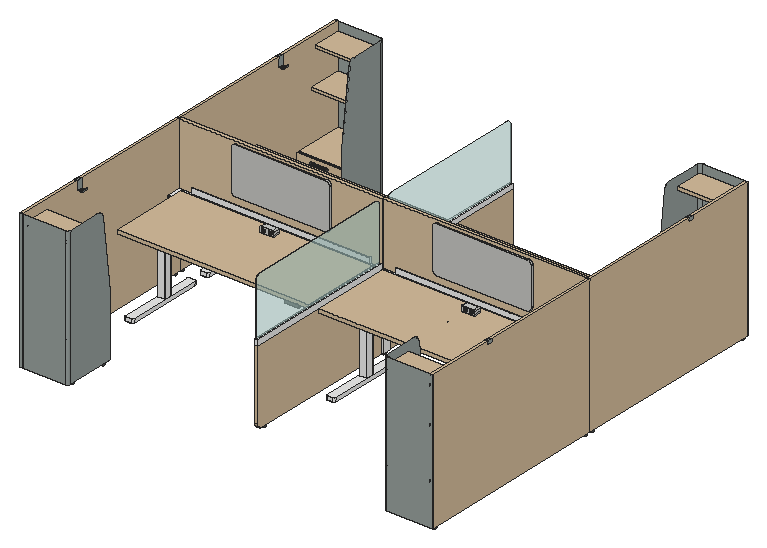
Revit family "Layout-Teknion-Expansion_Cityline_Height_Adjustable_Workstation_09-R2021", category Furniture Systems, Revit 2021 (continued)
Definition of nested family "Worksurface-Teknion-JNXRW_hiSpace_Rectangular_Worksurface_With_Quick_Connect_Kit-R2021"
  Dimensions and locks (in)
    aligned and locked: Masking region 3 sketch curve to cut or joined group of Sweep 1, Sweep 8, Sweep 9, Sweep 10, Sweep 14, Sweep 15, Sweep 16  (x4)
    aligned and locked: Masking region 3 sketch curve to Sweep 11  (x4)
    aligned and locked: Masking region 4 sketch curve to cut or joined group of Sweep 7, Sweep 8, Sweep 9, Sweep 10, Sweep 14, Sweep 15, Sweep 16  (x4)
    aligned and locked: Masking region 4 sketch curve to Sweep 11  (x4)
    aligned and locked: Masking region 5 sketch curve to cut or joined group of Sweep 1, Sweep 8, Sweep 9, Sweep 10, Sweep 14, Sweep 15, Sweep 16  (x4)
    aligned and locked: Masking region 5 sketch curve to Sweep 13  (x4)
    aligned and locked: Masking region 6 sketch curve to cut or joined group of Sweep 7, Sweep 8, Sweep 9, Sweep 10, Sweep 14, Sweep 15, Sweep 16  (x4)
    aligned and locked: Masking region 6 sketch curve to Sweep 13  (x4)
    aligned and locked: Masking region 7 sketch curve to cut or joined group of Sweep 1, Sweep 8, Sweep 9, Sweep 10, Sweep 14, Sweep 15, Sweep 16  (x4)
    aligned and locked: Masking region 7 sketch curve to Sweep 12  (x4)
    aligned and locked: Masking region 8 sketch curve to cut or joined group of Sweep 7, Sweep 8, Sweep 9, Sweep 10, Sweep 14, Sweep 15, Sweep 16  (x4)
    aligned and locked: Masking region 8 sketch curve to Sweep 12  (x4)
    aligned and locked: Masking region 9 sketch curve to cut or joined group of Sweep 1, Sweep 8, Sweep 9, Sweep 10, Sweep 14, Sweep 15, Sweep 16  (x4)
    aligned and locked: Masking region 9 sketch curve to Sweep 14  (x4)
    aligned and locked: Masking region 10 sketch curve to cut or joined group of Sweep 7, Sweep 8, Sweep 9, Sweep 10, Sweep 14, Sweep 15, Sweep 16  (x4)
    aligned and locked: Masking region 10 sketch curve to Sweep 14  (x4)
    aligned and locked: Masking region 11 sketch curve to cut or joined group of Sweep 1, Sweep 8, Sweep 9, Sweep 10, Sweep 14, Sweep 15, Sweep 16  (x4)
    aligned and locked: Masking region 11 sketch curve to Sweep 15  (x4)
    aligned and locked: Masking region 12 sketch curve to cut or joined group of Sweep 7, Sweep 8, Sweep 9, Sweep 10, Sweep 14, Sweep 15, Sweep 16  (x4)
    aligned and locked: Masking region 12 sketch curve to Sweep 15  (x4)
    aligned and locked: Masking region 13 sketch curve to cut or joined group of Sweep 1, Sweep 8, Sweep 9, Sweep 10, Sweep 14, Sweep 15, Sweep 16  (x4)
    aligned and locked: Masking region 13 sketch curve to Sweep 16  (x4)
    aligned and locked: Masking region 14 sketch curve to cut or joined group of Sweep 7, Sweep 8, Sweep 9, Sweep 10, Sweep 14, Sweep 15, Sweep 16  (x4)
    aligned and locked: Masking region 14 sketch curve to Sweep 16  (x4)
    aligned and locked: Masking region 15 sketch curve to cut or joined group of Sweep 1, Sweep 8, Sweep 9, Sweep 10, Sweep 14, Sweep 15, Sweep 16  (x4)
    aligned and locked: Masking region 15 sketch curve to Sweep 14  (x4)
    aligned and locked: Masking region 15 sketch curve to Sweep 13  (x4)
    aligned and locked: Masking region 16 sketch curve to cut or joined group of Sweep 7, Sweep 8, Sweep 9, Sweep 10, Sweep 14, Sweep 15, Sweep 16  (x4)
    aligned and locked: Masking region 16 sketch curve to Sweep 13  (x4)
    aligned and locked: Masking region 16 sketch curve to Sweep 14  (x4)
    aligned and locked: Masking region 17 sketch curve to cut or joined group of Sweep 1, Sweep 8, Sweep 9, Sweep 10, Sweep 14, Sweep 15, Sweep 16  (x4)
    aligned and locked: Masking region 17 sketch curve to Sweep 12  (x4)
    aligned and locked: Masking region 17 sketch curve to Sweep 14  (x4)
    aligned and locked: Masking region 18 sketch curve to Masking region 16  (x8)
    aligned and locked: Masking region 18 sketch curve to Masking region 17  (x4)
    aligned and locked: nested 1 to plane 6 "Back"
    aligned and locked: plane 4 "Left" to nested 1
    aligned and locked: plane 4 "Left" to nested 4
    aligned and locked: plane 7 "Front" to nested 4
    aligned and locked: plane 7 "Front" to nested 3
    aligned and locked: nested 3 to plane 5 "Right"
    aligned and locked: nested 2 to plane 5 "Right"
    aligned and locked: nested 2 to plane 6 "Back"
    aligned and locked: plane 3 "Center Left/Right" to nested 6
    aligned and locked: nested 6 to plane 6 "Back"
    aligned and locked: plane 1 "Center Front/Back" to nested 5
    aligned and locked: plane 3 "Center Left/Right" to nested 5
    aligned and locked: plane 3 "Center Left/Right" to nested 9
    aligned and locked: curve 65 to plane 6 "Back"
    aligned and locked: plane 5 "Right" to curve 66
    aligned and locked: plane 7 "Front" to curve 67
    aligned and locked: curve 68 to plane 4 "Left"
  Automatic sketch dimensions
    Sweep 3 sketch curve to Sweep 3 sketch curve = 0.11811"
    Sweep 8 sketch curve to Sweep 8 sketch curve = 0.36063"  (x4)
    Sweep 10 sketch curve to Sweep 10 sketch curve = 0.36063"  (x3)
    Sweep 10 sketch curve to Sweep 10 sketch curve = 0.000"
    Sweep 11 sketch curve to Sweep 11 sketch curve = 0.28976"  (x3)
    Sweep 11 sketch curve to Sweep 11 sketch curve = 0.000"  (x5)
    Sweep 13 sketch curve to Sweep 13 sketch curve = 0.000"  (x4)
    Sweep 13 sketch curve to Sweep 13 sketch curve = 0.28976"  (x4)
    Sweep 12 sketch curve to Sweep 12 sketch curve = 0.000"  (x4)
    Sweep 12 sketch curve to Sweep 12 sketch curve = 0.28976"  (x3)
    Sweep 12 sketch curve to Sweep 12 sketch curve = 1.17323"
    curve 50 to curve 53 = 1.5748"
    Sweep 9 sketch curve to Sweep 9 sketch curve = 0.36063"  (x4)
    Masking region 9 sketch curve to Masking region 9 sketch curve = 0.000"
    Masking region 9 sketch curve to Masking region 9 sketch curve = 0.1422"  (x3)
    Masking region 9 sketch curve to plane 3 "Center Left/Right" = 0.29194"  (x2)
    plane 3 "Center Left/Right" to Masking region 9 sketch curve = 0.29194"  (x2)
    Masking region 10 sketch curve to Masking region 10 sketch curve = 0.000"
    Masking region 10 sketch curve to Masking region 10 sketch curve = 0.1422"  (x3)
    Masking region 10 sketch curve to plane 3 "Center Left/Right" = 0.29194"  (x2)
    plane 3 "Center Left/Right" to Masking region 10 sketch curve = 0.29194"  (x2)
    Masking region 11 sketch curve to Masking region 11 sketch curve = 0.000"
    Masking region 11 sketch curve to Masking region 11 sketch curve = 0.1422"  (x3)
    Masking region 11 sketch curve to Masking region 11 sketch curve = 1.85026"
    Masking region 11 sketch curve to Masking region 11 sketch curve = 0.29194"
    Masking region 11 sketch curve to Masking region 11 sketch curve = 1.70806"
    Masking region 11 sketch curve to Masking region 11 sketch curve = 1.02621"
    Masking region 12 sketch curve to Masking region 12 sketch curve = 0.000"
    Masking region 12 sketch curve to Masking region 12 sketch curve = 0.1422"  (x3)
    Masking region 12 sketch curve to Masking region 12 sketch curve = 1.85026"
    Masking region 12 sketch curve to Masking region 12 sketch curve = 0.29194"
    Masking region 12 sketch curve to Masking region 12 sketch curve = 1.70806"
    Masking region 12 sketch curve to Masking region 12 sketch curve = 1.02621"
    Masking region 13 sketch curve to Masking region 13 sketch curve = 0.000"
    Masking region 13 sketch curve to Masking region 13 sketch curve = 0.1422"  (x3)
    Masking region 13 sketch curve to Masking region 13 sketch curve = 0.29194"
    Masking region 13 sketch curve to plane 6 "Back" = 2.47576"
    Masking region 13 sketch curve to Masking region 13 sketch curve = 1.70806"
    Masking region 13 sketch curve to Masking region 13 sketch curve = 1.02621"
    Masking region 14 sketch curve to Masking region 14 sketch curve = 0.000"
    Masking region 14 sketch curve to Masking region 14 sketch curve = 0.1422"  (x3)
    Masking region 14 sketch curve to Masking region 14 sketch curve = 0.29194"
    Masking region 14 sketch curve to plane 6 "Back" = 2.47576"
    Masking region 14 sketch curve to Masking region 14 sketch curve = 1.70806"
    Masking region 14 sketch curve to Masking region 14 sketch curve = 0.52636"
    Masking region 15 sketch curve to Masking region 15 sketch curve = 0.000"
    Masking region 15 sketch curve to Masking region 15 sketch curve = 0.1422"  (x3)
    Masking region 15 sketch curve to plane 3 "Center Left/Right" = 0.29194"  (x2)
    plane 3 "Center Left/Right" to Masking region 15 sketch curve = 0.29194"  (x2)
    Masking region 16 sketch curve to Masking region 16 sketch curve = 0.000"
    Masking region 16 sketch curve to Masking region 16 sketch curve = 0.1422"  (x3)
    Masking region 16 sketch curve to plane 3 "Center Left/Right" = 0.29194"  (x2)
    plane 3 "Center Left/Right" to Masking region 16 sketch curve = 0.29194"  (x2)
    Masking region 17 sketch curve to Masking region 17 sketch curve = 0.000"
    Masking region 17 sketch curve to Masking region 17 sketch curve = 0.1422"  (x3)
    Masking region 17 sketch curve to plane 3 "Center Left/Right" = 0.29194"  (x2)
    plane 3 "Center Left/Right" to Masking region 17 sketch curve = 0.29194"  (x2)
    Masking region 18 sketch curve to Masking region 18 sketch curve = 0.000"
    Masking region 18 sketch curve to Masking region 18 sketch curve = 0.1422"  (x3)
    Masking region 18 sketch curve to plane 3 "Center Left/Right" = 0.29194"  (x2)
    plane 3 "Center Left/Right" to Masking region 18 sketch curve = 0.29194"  (x2)
  Nested families (in)
    nested 1: "Teknion_2D_Node_Family-R2016" at (-26, 11.5, 0), type "Teknion_2D_Node_Family-R2016"
    nested 2: "Teknion_2D_Node_Family-R2016" at (26, 11.5, 0), type "Teknion_2D_Node_Family-R2016"
    nested 3: "Teknion_2D_Node_Family-R2016" at (26, -11.5, 0), type "Teknion_2D_Node_Family-R2016"
    nested 4: "Teknion_2D_Node_Family-R2016" at (-26, -11.5, 0), type "Teknion_2D_Node_Family-R2016"
    nested 5: "Teknion_2D_Node_Family-R2016" at (0, 0, 0), type "Teknion_2D_Node_Family-R2016"
    nested 6: "Teknion_2D_Node_Family-R2016" at (0, 11.5, 0), type "Teknion_2D_Node_Family-R2016"
    nested 7: "Teknion_2D_Node_Family-R2016" at (-9.49976, 7.99803, 0), visible <- "Node - Cut-Out Left", type "Teknion_2D_Node_Family-R2016"
    nested 8: "Teknion_2D_Node_Family-R2016" at (9.49976, 7.99803, 0), visible <- "Node - Cut-Out Right", type "Teknion_2D_Node_Family-R2016"
    nested 9: "Teknion_2D_Node_Family-R2016" at (0, 7.99803, 0), visible <- "Node - Cut-Out Center", type "Teknion_2D_Node_Family-R2016"
  Definition of nested family "Teknion_2D_Node_Family-R2016"
    Reference planes (in)
      plane 1 "Center (Front/Back)": y = 0
      plane 2: z = 0
      plane 3 "Center (Left/Right)": x = 0
    Lines and regions (in)
      detail lines, in view "Ref. Level"
        curve 1: circle (0, 0, 0) r 1.25 normal (0, 0, 1)
        curve 2: line (1.91508, -1.91508, 0) -> (-1.91508, 1.91508, 0)
        curve 3: line (-1.91508, -1.91508, 0) -> (1.91508, 1.91508, 0)
Definition of nested family "Desk_Structures-Teknion-JZSFS_EZ_Fence_Leg-R2021"
  Parameters (values of type "In-Line")
    Warranty = "http://www.teknion.com/ca/papers/legal-canada"
    Unit Weight URL = "http://www.teknion.com/ca/tools/assets#&asset=bee6a381-b954-425e-8283-5a2de3a804f2,f828d448-4b62-4231-9e5f-9a8991c0ed77"
    URL = "www.teknion.com"
    With Top Cover [instance] = not(No Top Cover)  # yes
    Top Option [instance] = "Select Top Option. Has Top Cover is default."  # constant formula
    To render please download texture images found here [instance] = "https://assets.teknion.com/web/5e81352c1dfdb467/revit-material-swatches/"
    Sustainability Data = "https://www.teknion.com/ca/tools/assets#&topic=216f99a5-57a0-44fc-b10a-9dee9b29ae4c&asset=444deb64-fe58-4b68-981e-f75e97781df7,b4ff2d81-9f2e-437d-9659-7cffb09c31cf"
    Series = "Expansion Cityline"  # constant formula
    Product Page URL = "https://www.teknion.com/products/product-details?productLineId=9ad2a26e-8e7a-673b-a6c8-ff05004460c4"
    Product Line = "EZ Fence Structure"  # constant formula
    Product Documentation Link = "https://www.teknion.com/pricing/expansion-cityline/pdfs/JZSFS_ppg.pdf"
    Part Number = "JZSFS"  # constant formula
    No Top Cover [instance] = no
    Model = "JZSFSA20I_"
    Manufacturer Phone = "416-661-3370"  # constant formula
    Manufacturer Fax = "416.661.4586"  # constant formula
    Manufacturer Contact Information = "http://www.teknion.com/ca/contactus"
    Manufacturer Address = "1150 Flint Road, Toronto, ON. M3J 2J5. Canada"  # constant formula
    Manufacturer = "Teknion"  # constant formula
    In-Line = yes
    How To Use Teknion Materials User Guide [instance] = "https://assets.teknion.com/m/205dd0a49fa58060/original/How-to-add-a-Material-Library-and-Texture-Images-to-your-Revit-project.pdf"
    Frame Finish [instance] = none
    For Additional Finishes please visit [instance] = "https://assets.teknion.com/m/44a8009b046e5d47/original/Teknion_Materials_Library.zip"
    End = no
    Description = "EZ Fence Leg - Angled Support Style, 20\" Depth, In-Line Configuration"
    Default Elevation = 0.000"
    Cut-Out - In-Line = if(([In-Line]), 8.000", 0.200")  # 8.000"
    Cut-Out - End = if(End, 8.000", 0.200")  # 0.200"
    Configuration = ""
    Assembly Code = "E2020200"
    2D - In-Line with Top Cover [instance] = and([In-Line], With Top Cover)  # yes
    2D - In-Line w/o Top Cover [instance] = and([In-Line], No Top Cover)  # no
    2D - End with Top Cover [instance] = and(End, With Top Cover)  # no
    2D - End w/o Top Cover [instance] = and(End, No Top Cover)  # no
  Types (3): name | Model | In-Line | End | Description | Cut-Out - In-Line | Cut-Out - End | 2D - In-Line with Top Cover | 2D - End with Top Cover
    (no name) | "JZSFSA20I_" | yes | no | "EZ Fence Leg - Angled Support Style, 20\" Depth, In-Line Configuration" | 8.000" | 0.200" | yes | no
    End | "JZSFSA20E_" | no | yes | "EZ Fence Leg - Angled Support Style, 20\" Depth, End Configuration" | 0.200" | 8.000" | no | yes
    In-Line | "JZSFSA20I_" | yes | no | "EZ Fence Leg - Angled Support Style, 20\" Depth, In-Line Configuration" | 8.000" | 0.200" | yes | no
  Reference planes (in)
    plane 1 "Center Front/Back": y = 0
    plane 2: z = 0
    plane 3 "Center Left/Right": x = 0.82874
    plane 4 "Left": x = -2.32087
    plane 5 "Right": x = 3.97835
    plane 6 "Back": y = 9.40761
    plane 7 "Front": y = -9.40761
    plane 8 "Top": z = 27.69291
    plane 9: x = 0.07874
    plane 10: x = 1.57874
    plane 11: z = 28.18504
  Forms (in)
    Sweep 1, solid, material <- "Frame Finish"
      path origin (0, 0, 0) x (1, 0, 0) y (0, 1, 0)
        loop
          line (1.57874, 0) -> (0.07874, 0)
      profile origin (0.82874, 0, 0) x (0, -1, 0) y (0, 0, 1)
        loop
          line (5.89342, 27.69291) -> (-5.89342, 27.69291) -> (-9.40761, 1) -> (-6.88604, 1) -> (-4.11278, 22.06496)
          arc (-4.11278, 22.06496) -> (-3.82632, 22.6009) -> (-3.25757, 22.81496) r 0.86259
          line (-3.25757, 22.81496) -> (3.25757, 22.81496)
          arc (3.25757, 22.81496) -> (3.82632, 22.6009) -> (4.11278, 22.06496) r 0.86259
          line (4.11278, 22.06496) -> (6.88604, 1) -> (9.40761, 1) -> (5.89342, 27.69291)
    SweptBlend 2, void
      path origin (0, 0, 0) x (1, 0, 0) y (0, 1, 0)
        loop
          line (1.57874, 0) -> (0.9603, 0)
      profile origin (1.57874, 0, 0) x (0, -1, 0) y (0, 0, 1)
        loop
          arc (6.16036, 21.83465) -> (5.58743, 22.90652) -> (4.44994, 23.33465) r 1.72518
          line (4.44994, 23.33465) -> (-4.44994, 23.33465)
          arc (-4.44994, 23.33465) -> (-5.58743, 22.90652) -> (-6.16036, 21.83465) r 1.72518
          line (-6.16036, 21.83465) -> (-8.90329, 1) -> (8.90329, 1) -> (6.16036, 21.83465)
      end profile origin (0.9603, 0, 0) x (0, -1, 0) y (0, 0, 1)
        loop
          arc (4.11278, 22.06496) -> (3.82632, 22.6009) -> (3.25757, 22.81496) r 0.86259
          line (3.25757, 22.81496) -> (-3.25757, 22.81496)
          arc (-3.25757, 22.81496) -> (-3.82632, 22.6009) -> (-4.11278, 22.06496) r 0.86259
          line (-4.11278, 22.06496) -> (-6.88604, 1) -> (6.88604, 1) -> (4.11278, 22.06496)
    SweptBlend 3, void
      path origin (0, 0, 0) x (1, 0, 0) y (0, 1, 0)
        loop
          line (0.07874, 0) -> (0.69718, 0)
      profile origin (0.07874, 0, 0) x (0, 1, 0) y (0, 0, 1)
        loop
          arc (6.16036, 21.83465) -> (5.58743, 22.90652) -> (4.44994, 23.33465) r 1.72518
          line (4.44994, 23.33465) -> (-4.44994, 23.33465)
          arc (-4.44994, 23.33465) -> (-5.58743, 22.90652) -> (-6.16036, 21.83465) r 1.72518
          line (-6.16036, 21.83465) -> (-8.90329, 1) -> (8.90329, 1) -> (6.16036, 21.83465)
      end profile origin (0.69718, 0, 0) x (0, 1, 0) y (0, 0, 1)
        loop
          line (-6.88604, 1) -> (6.88604, 1) -> (4.11278, 22.06496)
          arc (4.11278, 22.06496) -> (3.82632, 22.6009) -> (3.25757, 22.81496) r 0.86259
          line (3.25757, 22.81496) -> (-3.25757, 22.81496)
          arc (-3.25757, 22.81496) -> (-3.82632, 22.6009) -> (-4.11278, 22.06496) r 0.86259
          line (-4.11278, 22.06496) -> (-6.88604, 1)
    Sweep 4, solid, material <- "Frame Finish"
      path origin (0.82874, 0, 0) x (0, 1, 0) y (0, 0, 1)
        loop
          line (-7.53116, -1.48717) -> (-7.00905, 2.47861)
      profile origin (0.82874, -7.2701, 0.49572) x (0, -0.991445, 0.130526) y (1, 0, 0)
        loop
          line (0, -0.01579) -> (1.8134, -0.59252) -> (2.04724, -0.59252) -> (2.04724, 0.59252) -> (1.8134, 0.59252) -> (0, 0.01579) -> (0, -0.01579)
    Sweep 5, solid, material <- "Frame Finish"
      path origin (0.82874, 0, 0) x (0, 1, 0) y (0, 0, 1)
        loop
          line (7.53116, -1.48717) -> (7.00905, 2.47861)
      profile origin (0.82874, 7.2701, 0.49572) x (0, -0.991445, -0.130526) y (1, 0, 0)
        loop
          line (-1.8134, 0.59252) -> (-2.04724, 0.59252) -> (-2.04724, -0.59252) -> (-1.8134, -0.59252) -> (0, -0.01579) -> (0, 0.01579) -> (-1.8134, 0.59252)
    Sweep 6, void
      path origin (0.82874, 0, 0) x (0, 1, 0) y (0, 0, 1)
        loop
          line (-10.5, 0) -> (10.5, 0)
      profile origin (0.82874, 0, 0) x (0, 0, 1) y (1, 0, 0)
        loop
          line (3, -3.14961) -> (3, 3.14961) -> (1, 3.14961) -> (1, -3.14961) -> (3, -3.14961)
        loop
          line (0, -3.14961) -> (0, 3.14961) -> (-2, 3.14961) -> (-2, -3.14961) -> (0, -3.14961)
    Sweep 7, void
      path origin (0.82874, 0, 0) x (0, 1, 0) y (0, 0, 1)
        loop
          line (0, 22.19291) -> (0, 30.19291)
      profile origin (0.82874, 0, 26.19291) x (0, -1, 0) y (1, 0, 0)
        loop
          line (-1.51575, -0.75) -> (1.51575, -0.75) -> (1.51575, 0.75) -> (-1.51575, 0.75) -> (-1.51575, -0.75)
    Sweep 8, void
      path origin (0.82874, 0, 0) x (0, 1, 0) y (0, 0, 1)
        loop
          line (0, 31.46929) -> (0, 31.66929)
      profile origin (0.82874, 0, 31.56929) x (0, -1, 0) y (1, 0, 0)
        loop
          line (-1.51575, -0.63189) -> (1.51575, -0.63189) -> (1.51575, 0.75) -> (-1.51575, 0.75) -> (-1.51575, -0.63189)
    Sweep 9, solid, material <- "Frame Finish", visible <- "End"
      path origin (0, 0, 0) x (1, 0, 0) y (0, 1, 0)
        loop
          line (0.82874, 1.51575) -> (0.82874, -1.51575)
      profile origin (0.82874, 0, 0) x (1, 0, 0) y (0, 0, 1)
        loop
          line (2.51772, 27.25197) -> (-0.63189, 27.25197) -> (-0.63189, 23.66929) -> (2.51772, 23.66929) -> (2.51772, 23.7874) -> (-0.51378, 23.7874) -> (-0.51378, 27.14173) -> (2.51772, 27.14173) -> (2.51772, 27.25197)
    Sweep 10, solid, material <- "Frame Finish", visible <- "In-Line"
      path origin (0, 0, 0) x (1, 0, 0) y (0, 1, 0)
        loop
          line (3.97835, 0) -> (-2.32087, 0)
      profile origin (0.82874, 0, 0) x (0, -1, 0) y (0, 0, 1)
        loop
          line (1.51575, 27.25984) -> (-1.51575, 27.25984) -> (-1.51575, 23.66929) -> (1.51575, 23.66929) -> (1.51575, 27.25984)
        loop
          line (1.39764, 23.7874) -> (1.39764, 27.14173) -> (-1.39764, 27.14173) -> (-1.39764, 23.7874) -> (1.39764, 23.7874)
    Sweep 11, void
      path origin (0, 0, 0) x (1, 0, 0) y (0, 1, 0)
        loop
          line (0.82874, -2.5) -> (0.82874, 2.5)
      profile origin (0.82874, 0, 0) x (-1, 0, 0) y (0, 0, 1)
        loop
          line (1.5748, 27.14173) -> (1.5748, 23.7874) -> (3.14961, 23.7874) -> (3.14961, 27.14173) -> (1.5748, 27.14173)
        loop
          line (-1.5748, 27.14173) -> (-3.14961, 27.14173) -> (-3.14961, 23.7874) -> (-1.5748, 23.7874) -> (-1.5748, 27.14173)
    Sweep 12, solid, material <- "Frame Finish", visible <- "With Top Cover"
      path origin (0.82874, 0, 0) x (0, 1, 0) y (0, 0, 1)
        loop
          line (0, 27.69291) -> (0, 27.81102)
      profile origin (0.82874, 0, 27.75197) x (0, -1, 0) y (1, 0, 0)
        loop
          line (-5.76958, 0.69094) -> (-5.76958, -0.69094) -> (5.76958, -0.69094) -> (5.76958, 0.69094) -> (-5.76958, 0.69094)
    SweptBlend 13, solid, material <- "Frame Finish", visible <- "With Top Cover"
      path origin (0.82874, 0, 0) x (0, 1, 0) y (0, 0, 1)
        loop
          line (0, 27.81102) -> (0, 28.18504)
      profile origin (0.82874, 0, 27.81102) x (0, -1, 0) y (1, 0, 0)
        loop
          line (5.87787, 0.75) -> (-5.87787, 0.75) -> (-5.87787, -0.75) -> (5.87787, -0.75) -> (5.87787, 0.75)
      end profile origin (0.82874, 0, 28.18504) x (0, -1, 0) y (1, 0, 0)
        loop
          line (-5.82863, -0.75) -> (5.82863, -0.75) -> (5.82863, 0.75) -> (-5.82863, 0.75) -> (-5.82863, -0.75)
  Cuts and joins
    SweptBlend 2, SweptBlend 3, Sweep 7, Sweep 8 cuts Sweep 1
    Sweep 6 cuts Sweep 4
    Sweep 6 cuts Sweep 5
    joined: Sweep 1, Sweep 4, Sweep 5
    Sweep 11 cuts Sweep 10
    joined: Sweep 12, SweptBlend 13
  Lines and regions (in)
    Masking region 1, visible <- "In-Line"
      outline origin (0, 0, 0) x (1, 0, 0) y (0, 1, 0)
        loop
          line (3.97835, 1.51575) -> (1.57874, 1.51575) -> (1.57874, 9.40761) -> (0.07874, 9.40761) -> (0.07874, 1.51575) -> (-2.32087, 1.51575) -> (-2.32087, -1.51575) -> (0.07874, -1.51575) -> (0.07874, -9.40761) -> (1.57874, -9.40761) -> (1.57874, -1.51575) -> (3.97835, -1.51575) -> (3.97835, 1.51575)
    Masking region 2, visible <- "End"
      outline origin (0, 0, 0) x (1, 0, 0) y (0, 1, 0)
        loop
          line (0.07874, 9.40761) -> (0.07874, -9.40761) -> (1.57874, -9.40761) -> (1.57874, -1.51575) -> (3.34646, -1.51575) -> (3.34646, 1.51575) -> (1.57874, 1.51575) -> (1.57874, 9.40761) -> (0.07874, 9.40761)
    symbolic lines, visible <- "2D - In-Line w/o Top Cover"
      curve 1: line (3.97835, 1.51575, 0) -> (-2.32087, 1.51575, 0)
      curve 2: line (-2.32087, -1.51575, 0) -> (3.97835, -1.51575, 0)
    symbolic lines
      curve 3: line (0.07874, -5.89342, 0) -> (1.57874, -5.89342, 0)
      curve 4: line (0.07874, 5.89342, 0) -> (1.57874, 5.89342, 0)
    symbolic lines, visible <- "In-Line", detail levels medium+fine
      curve 5: line (2.40354, 1.51575, 0) -> (2.40354, 1.39764, 0)
      curve 6: line (-0.74606, 1.39764, 0) -> (2.40354, 1.39764, 0)
      curve 7: line (-0.74606, 1.39764, 0) -> (-0.74606, 1.51575, 0)
      curve 8: line (2.40354, -1.39764, 0) -> (-0.74606, -1.39764, 0)
      curve 9: line (-0.74606, -1.51575, 0) -> (-0.74606, -1.39764, 0)
      curve 10: line (2.40354, -1.39764, 0) -> (2.40354, -1.51575, 0)
    symbolic lines, detail levels medium+fine
      curve 11: line (0.23622, -9.40028, 0) -> (1.42126, -9.40028, 0)
      curve 12: line (1.42126, -9.26862, 0) -> (0.23622, -9.26862, 0)
      curve 13: line (0.81295, -7.20372, 0) -> (0.84453, -7.20372, 0)
      curve 14: line (0.84453, -7.33537, 0) -> (0.81295, -7.33537, 0)
      curve 15: line (0.81295, -7.20372, 0) -> (0.81295, -7.33537, 0)
      curve 16: line (0.84453, -7.20372, 0) -> (0.84453, -7.33537, 0)
      curve 17: line (0.84453, -7.20372, 0) -> (1.42126, -9.03276, 0)
      curve 18: line (1.42126, -9.16442, 0) -> (0.84453, -7.33537, 0)
      curve 19: line (0.81295, -7.33537, 0) -> (0.23622, -9.16442, 0)
      curve 20: line (0.23622, -9.03276, 0) -> (0.81295, -7.20372, 0)
      curve 21: line (0.23622, -9.03276, 0) -> (0.23622, -9.40028, 0)
      curve 22: line (1.42126, -9.40028, 0) -> (1.42126, -9.03276, 0)
      curve 23: line (0.69718, -6.88604, 0) -> (0.9603, -6.88604, 0)
      curve 24: line (0.07874, -8.90329, 0) -> (0.69718, -6.88604, 0)
      curve 25: line (0.9603, -6.88604, 0) -> (1.57874, -8.90329, 0)
      curve 26: line (0.9603, -1.51575, 0) -> (0.9603, -6.88604, 0)
      curve 27: line (0.69718, -1.51575, 0) -> (0.69718, -6.88604, 0)
      curve 28: line (1.42126, 9.40028, 0) -> (0.23622, 9.40028, 0)
      curve 29: line (0.23622, 9.40028, 0) -> (0.23622, 9.03276, 0)
      curve 30: line (0.23622, 9.26862, 0) -> (1.42126, 9.26862, 0)
      curve 31: line (1.42126, 9.03276, 0) -> (1.42126, 9.40028, 0)
      curve 32: line (0.81295, 7.20372, 0) -> (0.81295, 7.33537, 0)
      curve 33: line (0.84453, 7.20372, 0) -> (0.84453, 7.33537, 0)
      curve 34: line (0.81295, 7.33537, 0) -> (0.84453, 7.33537, 0)
      curve 35: line (0.84453, 7.20372, 0) -> (0.81295, 7.20372, 0)
      curve 36: line (1.42126, 9.03276, 0) -> (0.84453, 7.20372, 0)
      curve 37: line (0.84453, 7.33537, 0) -> (1.42126, 9.16442, 0)
      curve 38: line (0.23622, 9.16442, 0) -> (0.81295, 7.33537, 0)
      curve 39: line (0.81295, 7.20372, 0) -> (0.23622, 9.03276, 0)
      curve 40: line (0.69718, 6.88604, 0) -> (0.07874, 8.90329, 0)
      curve 41: line (1.57874, 8.90329, 0) -> (0.9603, 6.88604, 0)
      curve 42: line (0.69718, 6.88604, 0) -> (0.9603, 6.88604, 0)
      curve 43: line (0.9603, 6.88604, 0) -> (0.9603, 1.51575, 0)
      curve 44: line (0.69718, 6.88604, 0) -> (0.69718, 1.51575, 0)
    symbolic lines, visible <- "2D - End w/o Top Cover"
      curve 45: line (0.19685, 1.51575, 0) -> (3.34646, 1.51575, 0)
      curve 46: line (0.19685, -1.51575, 0) -> (3.34646, -1.51575, 0)
      curve 47: line (0.19685, 1.51575, 0) -> (0.19685, -1.51575, 0)
    symbolic lines, visible <- "End", detail levels medium+fine
      curve 48: line (0.31496, -1.51575, 0) -> (0.31496, 1.51575, 0)
      curve 49: line (0.69718, 1.51575, 0) -> (0.69718, -1.51575, 0)
      curve 50: line (0.9603, 1.51575, 0) -> (0.9603, -1.51575, 0)
    symbolic lines, visible <- "With Top Cover"
      curve 51: line (1.57874, 5.82863, 0) -> (0.07874, 5.82863, 0)
      curve 52: line (0.07874, 5.87787, 0) -> (1.57874, 5.87787, 0)
      curve 53: line (0.07874, -5.82863, 0) -> (1.57874, -5.82863, 0)
      curve 54: line (1.57874, -5.87787, 0) -> (0.07874, -5.87787, 0)
      curve 70: line (1.57874, 9.40761, 0) -> (1.57874, -9.40761, 0)
      curve 71: line (0.07874, 9.40761, 0) -> (0.07874, -9.40761, 0)
    symbolic lines, visible <- "With Top Cover", detail levels medium+fine
      curve 55: line (0.1378, -5.76958, 0) -> (1.51969, -5.76958, 0)
      curve 56: line (1.51969, -5.76958, 0) -> (1.51969, 5.76958, 0)
      curve 57: line (0.1378, 5.76958, 0) -> (0.1378, -5.76958, 0)
      curve 58: line (1.51969, 5.76958, 0) -> (0.1378, 5.76958, 0)
    symbolic lines, visible <- "2D - End with Top Cover", detail levels medium+fine
      curve 59: line (3.34646, 1.51575, 0) -> (0.19685, 1.51575, 0)
      curve 60: line (0.19685, 1.51575, 0) -> (0.19685, -1.51575, 0)
      curve 61: line (0.19685, -1.51575, 0) -> (3.34646, -1.51575, 0)
    symbolic lines, visible <- "2D - In-Line with Top Cover", detail levels medium+fine
      curve 62: line (3.97835, 1.51575, 0) -> (-2.32087, 1.51575, 0)
      curve 63: line (-2.32087, -1.51575, 0) -> (3.97835, -1.51575, 0)
    reference lines
      curve 64: line (-2.32087, 9.40761, 0) -> (3.97835, 9.40761, 0)
      curve 65: line (-2.32087, 9.40761, 0) -> (-2.32087, -9.40761, 0)
      curve 66: line (-2.32087, -9.40761, 0) -> (3.97835, -9.40761, 0)
      curve 67: line (3.97835, 9.40761, 0) -> (3.97835, -9.40761, 0)
      curve 68: line (1.57874, 9.40761, 0) -> (1.57874, -9.40761, 0)
      curve 69: line (0.07874, 9.40761, 0) -> (0.07874, -9.40761, 0)
    symbolic lines, visible <- "2D - End w/o Top Cover", detail levels medium+fine
      curve 72: line (1.57874, 9.40761, 0) -> (1.57874, -9.40761, 0)
    symbolic lines, visible <- "2D - In-Line w/o Top Cover", detail levels medium+fine
      curve 73: line (0.07874, 9.40761, 0) -> (0.07874, -9.40761, 0)
      curve 74: line (1.57874, 9.40761, 0) -> (1.57874, -9.40761, 0)
  Dimensions and locks (in)
    plane 4 "Left" to plane 5 "Right" = 6.29921"
    plane 6 "Back" to plane 7 "Front" = 18.81522"
    locked: plane 8 "Top" to level at 27.69291
    equal spacing: plane 6 "Back", plane 1 "Center Front/Back", plane 7 "Front"
    equal spacing: plane 4 "Left", plane 3 "Center Left/Right", plane 5 "Right"
    plane 9 to plane 3 "Center Left/Right" to plane 10 = 0.750" locked, 0.750" locked
    Sweep 1 sketch curve to Sweep 1 sketch curve to Sweep 1 sketch curve to plane 2 = 0.86259" locked, 20.95237" locked, 1.000" locked
    locked: Sweep 1 sketch curve to plane 2 at 21.95237
    Sweep 1 sketch curve to plane 1 "Center Front/Back" to Sweep 1 sketch curve = 5.89342" locked, 5.89342" locked
    Sweep 1 sketch curve to plane 1 "Center Front/Back" to Sweep 1 sketch curve = 3.25757" locked, 3.25757" locked
    locked: Sweep 1 sketch curve to Sweep 1 sketch curve at 2.5  (x2)
    locked: SweptBlend 2 sketch curve to plane 10 at 0.61844
    SweptBlend 2 sketch curve to SweptBlend 2 sketch curve to plane 1 "Center Front/Back" to SweptBlend 2 sketch curve to SweptBlend 2 sketch curve = 1.71042" locked, 4.44994", 4.44994", 1.71042" locked
    plane 8 "Top" to SweptBlend 2 sketch curve to SweptBlend 2 sketch curve = 4.35827" locked, 1.72518"
    plane 8 "Top" to SweptBlend 2 sketch curve = 6.08345"
    SweptBlend 2 sketch curve to plane 1 "Center Front/Back" to SweptBlend 2 sketch curve = 8.90329" locked, 8.90329" locked
    locked: SweptBlend 2 sketch curve to plane 2 at 1  (x2)
    SweptBlend 2 sketch curve to SweptBlend 2 sketch curve to plane 1 "Center Front/Back" to SweptBlend 2 sketch curve to SweptBlend 2 sketch curve = 0.85521" locked, 3.25757" locked, 3.25757" locked, 0.85521" locked
    plane 8 "Top" to SweptBlend 2 sketch curve to SweptBlend 2 sketch curve = 4.87795" locked, 0.86259" locked
    locked: plane 8 "Top" to SweptBlend 2 sketch curve at 5.74054
    locked: plane 9 to SweptBlend 3 sketch curve at 0.61844
    SweptBlend 3 sketch curve to SweptBlend 3 sketch curve to plane 1 "Center Front/Back" to SweptBlend 3 sketch curve to SweptBlend 3 sketch curve = 1.71042" locked, 4.44994" locked, 4.44994" locked, 1.71042" locked
    SweptBlend 3 sketch curve to plane 1 "Center Front/Back" to SweptBlend 3 sketch curve = 8.90329" locked, 8.90329" locked
    locked: SweptBlend 3 sketch curve to plane 2 at 1  (x2)
    locked: SweptBlend 3 sketch curve to plane 8 "Top" at 4.35827
    SweptBlend 3 sketch curve to SweptBlend 3 sketch curve to plane 1 "Center Front/Back" to SweptBlend 3 sketch curve to SweptBlend 3 sketch curve = 0.85521" locked, 3.25757" locked, 3.25757" locked, 0.85521" locked
    plane 8 "Top" to SweptBlend 3 sketch curve to SweptBlend 3 sketch curve = 4.87795" locked, 0.86259" locked
    locked: plane 8 "Top" to SweptBlend 3 sketch curve at 5.74054
    Sweep 4 sketch curve to plane 2 to Sweep 4 sketch curve = 2.47861" locked, 1.48717" locked
    locked: plane 7 "Front" to Sweep 4 sketch curve at 2.39856
    Sweep 4 sketch curve to plane 3 "Center Left/Right" to Sweep 4 sketch curve = 0.59252" locked, 0.59252" locked
    plane 7 "Front" to Sweep 4 sketch curve to Sweep 4 sketch curve to Sweep 4 sketch curve to Sweep 4 sketch curve = 0.10777" locked, 0.23184" locked, 0.000" locked, 1.79789" locked
    Sweep 5 sketch curve to plane 2 to Sweep 5 sketch curve = 2.47861" locked, 1.48717" locked
    locked: Sweep 5 sketch curve to plane 6 "Back" at 2.39856
    plane 6 "Back" to Sweep 5 sketch curve to Sweep 5 sketch curve to Sweep 5 sketch curve to Sweep 5 sketch curve = 0.10777" locked, 0.23184" locked, 0.000" locked, 1.79789" locked
    Sweep 5 sketch curve to plane 3 "Center Left/Right" to Sweep 5 sketch curve = 0.59252" locked, 0.59252" locked
    Sweep 6 sketch curve to plane 1 "Center Front/Back" to Sweep 6 sketch curve = 10.500" locked, 10.500" locked
    Sweep 6 sketch curve to Sweep 6 sketch curve to plane 2 = 2.000" locked, 1.000" locked
    locked: plane 2 to Sweep 6 sketch curve at 2
    "Cut-Out - In-Line": Sweep 7 sketch curve to Sweep 7 sketch curve
    locked: Sweep 7 sketch curve to plane 8 "Top" at 2.5
    Sweep 7 sketch curve to plane 1 "Center Front/Back" to Sweep 7 sketch curve = 1.51575" locked, 1.51575" locked
    locked: Sweep 8 sketch curve to plane 8 "Top" at 3.97638
    "Cut-Out - End": Sweep 8 sketch curve to Sweep 8 sketch curve
    locked: Sweep 8 sketch curve to plane 3 "Center Left/Right" at 0.63189
    Sweep 8 sketch curve to plane 1 "Center Front/Back" to Sweep 8 sketch curve = 1.51575" locked, 1.51575" locked
    Sweep 9 sketch curve to plane 1 "Center Front/Back" to Sweep 9 sketch curve = 1.51575" locked, 1.51575" locked
    Sweep 9 sketch curve to plane 3 "Center Left/Right" to Sweep 9 sketch curve to Sweep 9 sketch curve = 2.51772" locked, 0.51378" locked, 0.11811" locked
    locked: Sweep 9 sketch curve to plane 3 "Center Left/Right" at 2.51772
    plane 8 "Top" to Sweep 9 sketch curve to Sweep 9 sketch curve to Sweep 9 sketch curve to Sweep 9 sketch curve = 0.44094" locked, 0.11024" locked, 3.35433" locked, 0.11811" locked
    plane 8 "Top" to Sweep 10 sketch curve to Sweep 10 sketch curve to Sweep 10 sketch curve to Sweep 10 sketch curve = 0.43307" locked, 0.11811" locked, 3.35433" locked, 0.11811" locked
    Sweep 10 sketch curve to Sweep 10 sketch curve to plane 1 "Center Front/Back" to Sweep 10 sketch curve to Sweep 10 sketch curve = 0.11811" locked, 1.39764" locked, 1.39764" locked, 0.11811" locked
    Sweep 11 sketch curve to plane 1 "Center Front/Back" to Sweep 11 sketch curve = 2.500" locked, 2.500" locked
    plane 8 "Top" to Sweep 11 sketch curve to Sweep 11 sketch curve = 0.55118" locked, 3.35433" locked
    Sweep 11 sketch curve to plane 3 "Center Left/Right" to Sweep 11 sketch curve = 1.5748" locked, 1.5748" locked
    locked: Sweep 12 sketch curve to plane 8 "Top" at 0.11811
    Sweep 12 sketch curve to plane 1 "Center Front/Back" to Sweep 12 sketch curve = 5.76958" locked, 5.76958" locked
    Sweep 12 sketch curve to plane 3 "Center Left/Right" to Sweep 12 sketch curve = 0.69094" locked, 0.69094" locked
    SweptBlend 13 sketch curve to plane 1 "Center Front/Back" to SweptBlend 13 sketch curve = 5.87787" locked, 5.87787" locked
    SweptBlend 13 sketch curve to plane 1 "Center Front/Back" to SweptBlend 13 sketch curve = 5.82863" locked, 5.82863" locked
    locked: plane 11 to plane 8 "Top" at 0.49213
    locked: SweptBlend 13 sketch curve to plane 8 "Top" at 0.11811
    locked: plane 10 to nested 2 at 0.07874
    locked: nested 4 to plane 9 at 0.07874
    locked: Sweep 1 sketch curve to plane 7 "Front" (angle 7.50°)
    locked: plane 6 "Back" to Sweep 1 sketch curve (angle 7.50°)
    locked: Sweep 4 sketch curve to plane 7 "Front" (angle 7.50°)
    locked: plane 6 "Back" to Sweep 5 sketch curve (angle 7.50°)
    aligned and locked: level to plane 2
    aligned and locked: Sweep 1 sketch curve to plane 1 "Center Front/Back"
    aligned and locked: plane 10 to Sweep 1 sketch curve
    aligned and locked: plane 9 to Sweep 1 sketch curve
    aligned and locked: Sweep 1 sketch curve to Sweep 1 sketch curve
    aligned and locked: plane 6 "Back" to Sweep 1 sketch curve
    aligned and locked: plane 7 "Front" to Sweep 1 sketch curve
    aligned and locked: plane 10 to SweptBlend 2 sketch curve
    aligned and locked: SweptBlend 2 sketch curve to plane 1 "Center Front/Back"
    aligned and locked: plane 1 "Center Front/Back" to SweptBlend 3 sketch curve
    aligned and locked: plane 9 to SweptBlend 3 sketch curve
    aligned and locked: Sweep 6 sketch curve to plane 2  (x2)
    aligned and locked: plane 5 "Right" to Sweep 6 sketch curve  (x2)
    aligned and locked: plane 4 "Left" to Sweep 6 sketch curve  (x2)
    aligned and locked: plane 9 to Sweep 7 sketch curve
    aligned and locked: plane 10 to Sweep 7 sketch curve
    aligned and locked: Sweep 8 sketch curve to plane 1 "Center Front/Back"
    aligned and locked: plane 10 to Sweep 8 sketch curve
    aligned and locked: Sweep 7 sketch curve to plane 1 "Center Front/Back"
    aligned and locked: Sweep 9 sketch curve to plane 3 "Center Left/Right"
    aligned and locked: Sweep 10 sketch curve to plane 1 "Center Front/Back"
    aligned and locked: plane 4 "Left" to Sweep 10 sketch curve
    aligned and locked: plane 5 "Right" to Sweep 10 sketch curve
    aligned and locked: plane 3 "Center Left/Right" to Sweep 11 sketch curve
    aligned and locked: plane 5 "Right" to Sweep 11 sketch curve
    aligned and locked: Sweep 11 sketch curve to plane 4 "Left"
    aligned and locked: Sweep 11 sketch curve to Sweep 11 sketch curve  (x2)
    aligned and locked: Sweep 12 sketch curve to plane 1 "Center Front/Back"
    aligned and locked: plane 8 "Top" to Sweep 12 sketch curve
    aligned and locked: SweptBlend 13 sketch curve to plane 1 "Center Front/Back"
    aligned and locked: plane 9 to SweptBlend 13 sketch curve
    aligned and locked: plane 10 to SweptBlend 13 sketch curve
    aligned and locked: SweptBlend 13 sketch curve to plane 9
    aligned and locked: SweptBlend 13 sketch curve to plane 10
    aligned and locked: plane 11 to SweptBlend 13 sketch curve
    aligned and locked: Masking region 1 sketch curve to cut or joined group of Sweep 10, Sweep 11  (x4)
    aligned and locked: cut or joined group of Sweep 10, Sweep 11 to Masking region 1 sketch curve  (x2)
    aligned and locked: Masking region 1 sketch curve to cut or joined group of Sweep 12, SweptBlend 13
    aligned and locked: curve 1 to cut or joined group of Sweep 10, Sweep 11
    aligned and locked: curve 2 to cut or joined group of Sweep 10, Sweep 11
    aligned and locked: curve 5 to cut or joined group of Sweep 10, Sweep 11
    aligned and locked: curve 6 to cut or joined group of Sweep 10, Sweep 11
    aligned and locked: cut or joined group of Sweep 10, Sweep 11 to curve 7
    aligned and locked: curve 8 to cut or joined group of Sweep 10, Sweep 11
    aligned and locked: curve 9 to cut or joined group of Sweep 10, Sweep 11
    aligned and locked: cut or joined group of Sweep 10, Sweep 11 to curve 10
    aligned and locked: curve 11 to cut or joined group of Sweep 1, SweptBlend 2, SweptBlend 3, Sweep 4, Sweep 5, Sweep 6, Sweep 7, Sweep 8
    aligned and locked: curve 12 to cut or joined group of Sweep 1, SweptBlend 2, SweptBlend 3, Sweep 4, Sweep 5, Sweep 6, Sweep 7, Sweep 8
    aligned and locked: curve 13 to cut or joined group of Sweep 1, SweptBlend 2, SweptBlend 3, Sweep 4, Sweep 5, Sweep 6, Sweep 7, Sweep 8
    aligned and locked: curve 14 to cut or joined group of Sweep 1, SweptBlend 2, SweptBlend 3, Sweep 4, Sweep 5, Sweep 6, Sweep 7, Sweep 8
    aligned and locked: curve 15 to cut or joined group of Sweep 1, SweptBlend 2, SweptBlend 3, Sweep 4, Sweep 5, Sweep 6, Sweep 7, Sweep 8
    aligned and locked: curve 16 to cut or joined group of Sweep 1, SweptBlend 2, SweptBlend 3, Sweep 4, Sweep 5, Sweep 6, Sweep 7, Sweep 8
    aligned and locked: curve 17 to cut or joined group of Sweep 1, SweptBlend 2, SweptBlend 3, Sweep 4, Sweep 5, Sweep 6, Sweep 7, Sweep 8
    aligned and locked: curve 18 to cut or joined group of Sweep 1, SweptBlend 2, SweptBlend 3, Sweep 4, Sweep 5, Sweep 6, Sweep 7, Sweep 8
    aligned and locked: curve 19 to cut or joined group of Sweep 1, SweptBlend 2, SweptBlend 3, Sweep 4, Sweep 5, Sweep 6, Sweep 7, Sweep 8
    aligned and locked: curve 20 to cut or joined group of Sweep 1, SweptBlend 2, SweptBlend 3, Sweep 4, Sweep 5, Sweep 6, Sweep 7, Sweep 8
    aligned and locked: curve 21 to cut or joined group of Sweep 1, SweptBlend 2, SweptBlend 3, Sweep 4, Sweep 5, Sweep 6, Sweep 7, Sweep 8
    aligned and locked: curve 45 to Sweep 9
    aligned and locked: curve 46 to Sweep 9
    aligned and locked: curve 47 to Sweep 9
    aligned and locked: curve 48 to Sweep 9
    aligned and locked: Sweep 9 to Masking region 2 sketch curve  (x2)
    aligned and locked: Masking region 2 sketch curve to Sweep 9
    aligned and locked: curve 51 to cut or joined group of Sweep 12, SweptBlend 13
    aligned and locked: curve 52 to cut or joined group of Sweep 12, SweptBlend 13
    aligned and locked: curve 53 to cut or joined group of Sweep 12, SweptBlend 13
    aligned and locked: curve 54 to cut or joined group of Sweep 12, SweptBlend 13
    aligned and locked: curve 55 to cut or joined group of Sweep 12, SweptBlend 13
    aligned and locked: curve 57 to cut or joined group of Sweep 12, SweptBlend 13
    aligned and locked: curve 58 to cut or joined group of Sweep 12, SweptBlend 13
    aligned and locked: curve 59 to Sweep 9
    aligned and locked: curve 62 to cut or joined group of Sweep 10, Sweep 11
    aligned and locked: curve 63 to cut or joined group of Sweep 10, Sweep 11
    aligned and locked: curve 64 to plane 6 "Back"
    aligned and locked: curve 65 to plane 4 "Left"
    aligned and locked: plane 7 "Front" to curve 66
    aligned and locked: curve 67 to plane 5 "Right"
    aligned and locked: plane 10 to curve 68
    aligned and locked: curve 69 to plane 9
    aligned and locked: plane 1 "Center Front/Back" to nested 1
    aligned and locked: plane 1 "Center Front/Back" to nested 3
    aligned and locked: plane 1 "Center Front/Back" to nested 2
    aligned and locked: plane 3 "Center Left/Right" to nested 3
    aligned and locked: plane 9 to nested 1
    aligned and locked: nested 4 to plane 1 "Center Front/Back"
    aligned and locked: plane 10 to curve 70
    aligned and locked: curve 71 to plane 9
    aligned and locked: plane 10 to curve 74
    aligned and locked: curve 73 to plane 9
  Automatic sketch dimensions
    SweptBlend 2 sketch curve to SweptBlend 2 sketch curve = 0.000"
    Sweep 4 sketch curve to profile plane = 0.000"
    Sweep 4 sketch curve to profile plane = 1.8134"
    Sweep 4 sketch curve to Sweep 4 sketch curve = 0.23384"  (x2)
    Sweep 4 sketch curve to plane 3 "Center Left/Right" = 0.01579"
    plane 3 "Center Left/Right" to Sweep 4 sketch curve = 0.01579"
    Sweep 5 sketch curve to profile plane = 0.000"
    Masking region 1 sketch curve to plane 6 "Back" = 0.000"
    Masking region 1 sketch curve to plane 9 = 0.000"  (x2)
    Masking region 1 sketch curve to plane 10 = 0.000"
    plane 7 "Front" to Masking region 1 sketch curve = 0.000"
    Masking region 2 sketch curve to plane 6 "Back" = 0.000"
    Masking region 2 sketch curve to plane 9 = 0.000"
    Masking region 2 sketch curve to plane 10 = 0.000"  (x2)
    plane 7 "Front" to Masking region 2 sketch curve = 0.000"
    curve 1 to plane 4 "Left" = 0.000"
    curve 2 to plane 4 "Left" = 0.000"
    curve 62 to plane 4 "Left" = 0.000"
    curve 63 to plane 4 "Left" = 0.000"
    curve 73 to plane 6 "Back" = 0.000"
    plane 7 "Front" to curve 73 = 0.000"
    plane 7 "Front" to curve 74 = 0.000"
    curve 74 to plane 6 "Back" = 0.000"
    curve 62 to plane 5 "Right" = 0.000"
    curve 2 to plane 5 "Right" = 0.000"
    curve 1 to plane 5 "Right" = 0.000"
    curve 63 to plane 5 "Right" = 0.000"
    plane 7 "Front" to curve 70 = 0.000"
    plane 7 "Front" to curve 71 = 0.000"
    curve 70 to plane 6 "Back" = 0.000"
    curve 71 to plane 6 "Back" = 0.000"
    curve 29 to plane 6 "Back" = 0.00733"
    plane 9 to curve 29 = 0.15748"
    curve 24 to plane 3 "Center Left/Right" = 0.13156"
    curve 42 to plane 3 "Center Left/Right" = 0.13156"
    curve 39 to plane 3 "Center Left/Right" = 0.01579"
    plane 3 "Center Left/Right" to curve 36 = 0.01579"
    plane 3 "Center Left/Right" to curve 41 = 0.13156"
    plane 3 "Center Left/Right" to curve 23 = 0.13156"
    plane 10 to curve 28 = 0.15748"
    curve 11 to curve 70 = 0.15748"
    plane 10 to curve 55 = 0.05906"
    curve 13 to curve 23 = 0.31768"
    curve 52 to curve 44 = 1.00817"
    curve 41 to curve 35 = 0.31768"
    curve 32 to curve 38 = 0.13165"
    curve 36 to curve 28 = 0.36751"
    curve 39 to curve 28 = 0.36751"
    curve 49 to curve 44 = 0.000"
    curve 50 to curve 26 = 0.000"
    curve 46 to curve 2 = 0.63189"
    curve 61 to curve 46 = 0.000"
    curve 59 to curve 1 = 0.63189"
    curve 45 to curve 59 = 0.000"
    curve 20 to curve 24 = 0.12947"
    curve 17 to curve 25 = 0.12947"
    curve 3 to curve 54 = 0.01555"
    curve 52 to curve 4 = 0.01555"
    curve 40 to curve 29 = 0.12947"
    curve 41 to curve 31 = 0.12947"
    curve 29 to curve 38 = 0.13165"
    curve 31 to curve 37 = 0.13165"
    curve 37 to curve 30 = 0.10421"
  Nested families (in)
    nested 1: "Teknion_2D_Node_Family-R2016" at (0.07874, 0, 0), visible <- "End", type "Teknion_2D_Node_Family-R2016"
    nested 2: "Teknion_2D_Node_Family-R2016" at (1.65748, 0, 0), type "Teknion_2D_Node_Family-R2016"
    nested 3: "Teknion_2D_Node_Family-R2016" at (0.82874, 0, 0), type "Teknion_2D_Node_Family-R2016"
    nested 4: "Teknion_2D_Node_Family-R2016" at (0, 0, 0) x (-1, 0, 0) z (0, 0, 1), visible <- "In-Line", type "Teknion_2D_Node_Family-R2016"
  Definition of nested family "Teknion_2D_Node_Family-R2016"
    Reference planes (in)
      plane 1 "Center (Front/Back)": y = 0
      plane 2: z = 0
      plane 3 "Center (Left/Right)": x = 0
    Lines and regions (in)
      detail lines, in view "Ref. Level"
        curve 1: circle (0, 0, 0) r 1.25 normal (0, 0, 1)
        curve 2: line (1.91508, -1.91508, 0) -> (-1.91508, 1.91508, 0)
        curve 3: line (-1.91508, -1.91508, 0) -> (1.91508, 1.91508, 0)
Definition of nested family "Desk_Structure-Teknion-JZSBB_EZ_Fence_Beam-R2021"
  Parameters (values of type "Power Only – Two Sides")
    Width [instance] = 84.000"
    Warranty = "http://www.teknion.com/ca/papers/legal-canada"
    Unit Weight URL = "http://www.teknion.com/ca/tools/assets#&asset=bee6a381-b954-425e-8283-5a2de3a804f2,f828d448-4b62-4231-9e5f-9a8991c0ed77"
    URL = "www.teknion.com"
    To render please download texture images found here [instance] = "https://assets.teknion.com/web/5e81352c1dfdb467/revit-material-swatches/"
    Sustainability Data = "https://www.teknion.com/ca/tools/assets#&topic=216f99a5-57a0-44fc-b10a-9dee9b29ae4c&asset=444deb64-fe58-4b68-981e-f75e97781df7,b4ff2d81-9f2e-437d-9659-7cffb09c31cf"
    Series = "Expansion Cityline"  # constant formula
    Screen Cut-Out [instance] = if([EZ Add-On Screen], 1.000", 0.500")  # 0.500"
    Right Power Opening Cut out [instance] = if(and(Right Opening Position, Power Opening, One sided Opening), 0.900", if(and(Right Opening Position, Power Opening, Two Sided Opening), 4.000", 0.100"))  # 4.000"
    Right Opening Position [instance] = yes
    Right Data Opening Cut out [instance] = if(and(Right Opening Position, Data Opening, One sided Opening), 0.900", if(and(Right Opening Position, Data Opening, Two Sided Opening), 4.000", 0.100"))  # 0.100"
    Product Page URL = "https://www.teknion.com/ca/products/product-details?productlineid=9ad2a26e-8e7a-673b-a6c8-ff05004460c4"
    Product Line = "EZ Fence Structure"  # constant formula
    Product Documentation Link = "https://www.teknion.com/pricing/expansion-cityline/pdfs/JZSBB_ppg.pdf"
    Power and Data Openning Option [instance] = "Please select one configuration below"  # constant formula
    Power Opening = yes
    Part Number = "JZSBB"  # constant formula
    Two Sided Opening = yes
    One sided Opening = no
    No Screen [instance] = not(or([EZ Add-On Screen], Lift & Drop Tile))  # no
    Model = "JZSBB___PT_"
    Manufacturer Phone = "416-661-3370"  # constant formula
    Manufacturer Fax = "416.661.4586"  # constant formula
    Manufacturer Contact Information = "http://www.teknion.com/ca/contactus"
    Manufacturer Address = "1150 Flint Road, Toronto, ON. M3J 2J5. Canada"  # constant formula
    Manufacturer = "Teknion"  # constant formula
    Lift & Drop Tile Cut-Out [instance] = if(Lift & Drop Tile, 85.000", 0.500")  # 85.000"
    Lift & Drop Tile [instance] = yes
    Left Power Opening Cut Out [instance] = if(and(Left Opening Position, Power Opening, One sided Opening), 0.900", if(and(Left Opening Position, Power Opening, Two Sided Opening), 4.000", 0.100"))  # 4.000"
    Left Opening Position [instance] = yes
    Left Data Opening Cut out [instance] = if(and(Left Opening Position, Data Opening, One sided Opening), 0.900", if(and(Left Opening Position, Data Opening, Two Sided Opening), 4.000", 0.090"))  # 0.090"
    How To Use Teknion Materials User Guide [instance] = "https://assets.teknion.com/m/205dd0a49fa58060/original/How-to-add-a-Material-Library-and-Texture-Images-to-your-Revit-project.pdf"
    For Additional Finishes please visit [instance] = "https://assets.teknion.com/m/44a8009b046e5d47/original/Teknion_Materials_Library.zip"
    Finish [instance] = none
    EZ Add-On Screen [instance] = no
    Description = "EZ Fence Beam, Power Only – Two Sides"
    Default Elevation = 0.000"
    Database Notes [instance] = "When Power and Data Opening (NN) is selected, then Opening Position C-L-R are not available. When Power and Data Opening (DO) - (DT) - (PO) - (PT) is selected, then Opening Position N is not available. When width 48-54-60 and Power and Data Opening (DO) - (DT) - (PO) - (PT) are selected, then Opening Position C is not available "  # constant formula
    Data Opening = no
    Configuration Option [instance] = "Please select one configuration below"  # constant formula
    Center Power Opening Cut Out [instance] = if(and(Center Opening Position, Power Opening, One sided Opening, Width > 60.000"), 0.900", if(and(Center Opening Position, Power Opening, Two Sided Opening, Width > 60.000"), 4.000", 0.100"))  # 4.000"
    Center Opening Position [instance] = yes
    Center Data Opening Cut Out [instance] = if(and(Center Opening Position, Data Opening, One sided Opening, Width > 60.000"), 0.900", if(and(Center Opening Position, Data Opening, Two Sided Opening, Width > 60.000"), 4.000", 0.090"))  # 0.090"
    Available Width [instance] = "48, 54, 60, 66,72, 78, 84 Inch"  # constant formula
    Assembly Code = "E2020200"
    Actual Width [instance] = Width + 0.157"  # 84.157"
    2D Right Power two sided opening [instance] = and(Power Opening, Right Opening Position, Two Sided Opening)  # yes
    2D Right Power one sided opening [instance] = or([2D Right Power two sided opening], and(Power Opening, Right Opening Position, One sided Opening))  # yes
    2D Right Data two sided opening [instance] = and(Data Opening, Right Opening Position, Two Sided Opening)  # no
    2D Right Data one sided opening [instance] = or([2D Right Data two sided opening], and(Data Opening, Right Opening Position, One sided Opening))  # no
    2D Left Power two sided opening [instance] = and(Power Opening, Left Opening Position, Two Sided Opening)  # yes
    2D Left Power one sided opening [instance] = or([2D Left Power two sided opening], and(Power Opening, Left Opening Position, One sided Opening))  # yes
    2D Left Data two sided opening [instance] = and(Data Opening, Left Opening Position, Two Sided Opening)  # no
    2D Left Data one sided opening [instance] = or([2D Left Data two sided opening], and(Data Opening, Left Opening Position, One sided Opening))  # no
    2D Center Data two sided opening [instance] = and(Data Opening, Center Opening Position, Two Sided Opening)  # no
    2D Center Data one sided opening [instance] = or([2D Center Data two sided opening], and(Data Opening, Center Opening Position, One sided Opening))  # no
    2D Center Power two sided opening [instance] = and(Power Opening, Center Opening Position, Two Sided Opening)  # yes
    2D Center Power one sided opening [instance] = or([2D Center Power two sided opening], and(Power Opening, Center Opening Position, One sided Opening))  # yes
  Types (6): name | Screen Cut-Out | Right Power Opening Cut out | Right Opening Position | Right Data Opening Cut out | Power Opening | Two Sided Opening | One sided Opening | No Screen | Model | Lift & Drop Tile Cut-Out | Lift & Drop Tile | Left Power Opening Cut Out | Left Opening Position | Left Data Opening Cut out | EZ Add-On Screen | Description | Data Opening | Center Power Opening Cut Out | Center Opening Position | Center Data Opening Cut Out | 2D Right Power two sided opening | 2D Right Power one sided opening | 2D Right Data two sided opening | 2D Right Data one sided opening | 2D Left Power two sided opening | 2D Left Power one sided opening | 2D Left Data two sided opening | 2D Left Data one sided opening | 2D Center Data two sided opening | 2D Center Data one sided opening | 2D Center Power two sided opening | 2D Center Power one sided opening
    (no name) | 0.500" | 4.000" | yes | 0.100" | yes | yes | no | no | "JZSBB___PT_" | 85.000" | yes | 4.000" | yes | 0.090" | no | "EZ Fence Beam, Power Only – Two Sides" | no | 4.000" | yes | 0.090" | yes | yes | no | no | yes | yes | no | no | no | no | yes | yes
    No Opening | 1.000" | 0.100" | no | 0.100" | no | no | no | no | "JZSBB___NN_" | 0.500" | no | 0.100" | no | 0.090" | yes | "EZ Fence Beam, No Opening" | no | 0.100" | no | 0.090" | no | no | no | no | no | no | no | no | no | no | no | no
    Power & Data – One Side | 0.500" | 0.900" | yes | 0.900" | yes | no | yes | no | "JZSBB___DO_" | 85.000" | yes | 0.900" | yes | 0.900" | no | "EZ Fence Beam, Power & Data – One Side" | yes | 0.100" | no | 0.090" | no | yes | no | yes | no | yes | no | yes | no | no | no | no
    Power & Data – Two Sides | 0.500" | 4.000" | yes | 4.000" | yes | yes | no | yes | "JZSBB___DT_" | 0.500" | no | 4.000" | yes | 4.000" | no | "EZ Fence Beam, Power & Data – Two Sides" | yes | 4.000" | yes | 4.000" | yes | yes | yes | yes | yes | yes | yes | yes | yes | yes | yes | yes
    Power Only – One Side | 0.500" | 0.900" | yes | 0.100" | yes | no | yes | no | "JZSBB___PO_" | 85.000" | yes | 0.900" | yes | 0.090" | no | "EZ Fence Beam, Power Only – One Side" | no | 0.900" | yes | 0.090" | no | yes | no | no | no | yes | no | no | no | no | no | yes
    Power Only – Two Sides | 0.500" | 4.000" | yes | 0.100" | yes | yes | no | no | "JZSBB___PT_" | 85.000" | yes | 4.000" | yes | 0.090" | no | "EZ Fence Beam, Power Only – Two Sides" | no | 4.000" | yes | 0.090" | yes | yes | no | no | yes | yes | no | no | no | no | yes | yes
  Reference planes (in)
    plane 1 "Center Front/Back": y = 0
    plane 2: z = 0
    plane 3 "Center Left/Right": x = 43.65748
    plane 4 "Left": x = 1.57898
    plane 5 "Right": x = 85.73598
    plane 6 "Back": y = 1.69291
    plane 7 "Front": y = -1.69291
    plane 8 "Top": z = 28.18504
  Forms (in)
    Sweep 1, solid, material <- "Finish"
      path origin (0, 0, 0) x (1, 0, 0) y (0, 1, 0)
        loop
          line (85.73598, 0) -> (1.57898, 0)
      profile origin (43.65748, 0, 0) x (0, -1, 0) y (0, 0, 1)
        loop
          line (-1.69291, 28.18504) -> (-1.69291, 23.3189) -> (-1.51575, 23.3189) -> (-1.51575, 27.37795) -> (-1.26575, 27.37795) -> (-1.26575, 27.63386) -> (1.26575, 27.63386) -> (1.26575, 27.37795) -> (1.51575, 27.37795) -> (1.51575, 23.3189) -> (1.69291, 23.3189) -> (1.69291, 28.18504) -> (-1.69291, 28.18504)
    Sweep 2, void
      path origin (0, 0, 0) x (1, 0, 0) y (0, 1, 0)
        loop
          line (85.73622, 0) -> (0.73622, 0)
      profile origin (43.23622, 0, 0) x (0, -1, 0) y (0, 0, 1)
        loop
          line (0.27559, 28.18504) -> (-0.27559, 28.18504) -> (-0.27559, 27.79134) -> (0.27559, 27.79134) -> (0.27559, 28.18504)
    Sweep 3, void
      path origin (0, 0, 0) x (1, 0, 0) y (0, 0, 1)
        loop
          line (43.65748, 28.19291) -> (43.65748, 28.69291)
      profile origin (43.65748, 0, 28.44291) x (-1, 0, 0) y (0, -1, 0)
        loop
          line (38.61417, -0.7874) -> (38.61417, 0.7874) -> (33.69291, 0.7874) -> (33.69291, -0.7874) -> (38.61417, -0.7874)
        loop
          line (2.46063, -0.7874) -> (2.46063, 0.7874) -> (-2.46063, 0.7874) -> (-2.46063, -0.7874) -> (2.46063, -0.7874)
        loop
          line (-33.69291, -0.7874) -> (-33.69291, 0.7874) -> (-38.61417, 0.7874) -> (-38.61417, -0.7874) -> (-33.69291, -0.7874)
    Sweep 4, solid
      path origin (0, 0, 0) x (1, 0, 0) y (0, 0, 1)
        loop
          line (6.02756, 27.25984) -> (6.02756, 27.37795)
      profile origin (6.02756, 0, 27.3189) x (-1, 0, 0) y (0, -1, 0)
        loop
          line (2.85433, -1.51575) -> (3.67411, -0.69597)
          arc (3.67411, -0.69597) -> (3.38573, 0) -> (3.67411, 0.69597) r 0.98402
          line (3.67411, 0.69597) -> (2.85433, 1.51575) -> (0, 1.51575) -> (0, -1.51575) -> (2.85433, -1.51575)
    Sweep 5, solid
      path origin (0, 0, -3.47244) x (1, 0, 0) y (0, 0, 1)
        loop
          line (6.02756, 27.25984) -> (6.02756, 27.37795)
      profile origin (6.02756, 0, 23.84646) x (-1, 0, 0) y (0, -1, 0)
        loop
          line (2.85433, -1.51575) -> (3.67411, -0.69597)
          arc (3.67411, -0.69597) -> (3.38573, 0) -> (3.67411, 0.69597) r 0.98402
          line (3.67411, 0.69597) -> (2.85433, 1.51575) -> (0, 1.51575) -> (0, -1.51575) -> (2.85433, -1.51575)
    Sweep 6, solid
      path origin (87.31496, 0, 0) x (-1, 0, 0) y (0, 0, 1)
        loop
          line (6.02756, 27.25984) -> (6.02756, 27.37795)
      profile origin (81.2874, 0, 27.3189) x (-1, 0, 0) y (0, -1, 0)
        loop
          line (-2.85433, -1.51575) -> (0, -1.51575) -> (0, 1.51575) -> (-2.85433, 1.51575) -> (-3.67411, 0.69597)
          arc (-3.67411, 0.69597) -> (-3.38573, 0) -> (-3.67411, -0.69597) r 0.98402
          line (-3.67411, -0.69597) -> (-2.85433, -1.51575)
    Sweep 7, solid
      path origin (87.31496, 0, -3.47244) x (-1, 0, 0) y (0, 0, 1)
        loop
          line (6.02756, 27.25984) -> (6.02756, 27.37795)
      profile origin (81.2874, 0, 23.84646) x (-1, 0, 0) y (0, -1, 0)
        loop
          line (-2.85433, -1.51575) -> (0, -1.51575) -> (0, 1.51575) -> (-2.85433, 1.51575) -> (-3.67411, 0.69597)
          arc (-3.67411, 0.69597) -> (-3.38573, 0) -> (-3.67411, -0.69597) r 0.98402
          line (-3.67411, -0.69597) -> (-2.85433, -1.51575)
    Sweep 8, void
      path origin (0, 0, 0) x (1, 0, 0) y (0, 1, 0)
        loop
          line (43.65748, -1.69313) -> (43.65748, -1.78313)
      profile origin (43.65748, -1.73813, 0) x (1, 0, 0) y (0, 0, 1)
        loop
          arc (-1.59449, 27.14173) -> (-1.678, 27.10714) -> (-1.7126, 27.02362) r 0.11811
          line (-1.7126, 27.02362) -> (-1.7126, 25.13386)
          arc (-1.7126, 25.13386) -> (-1.678, 25.05034) -> (-1.59449, 25.01575) r 0.11811
          line (-1.59449, 25.01575) -> (1.59449, 25.01575)
          arc (1.59449, 25.01575) -> (1.678, 25.05034) -> (1.7126, 25.13386) r 0.11811
          line (1.7126, 25.13386) -> (1.7126, 27.02362)
          arc (1.7126, 27.02362) -> (1.678, 27.10714) -> (1.59449, 27.14173) r 0.11811
          line (1.59449, 27.14173) -> (-1.59449, 27.14173)
    Sweep 9, void
      path origin (0, 0, 0) x (1, 0, 0) y (0, 1, 0)
        loop
          line (43.65748, 2.20691) -> (43.65748, -1.79309)
